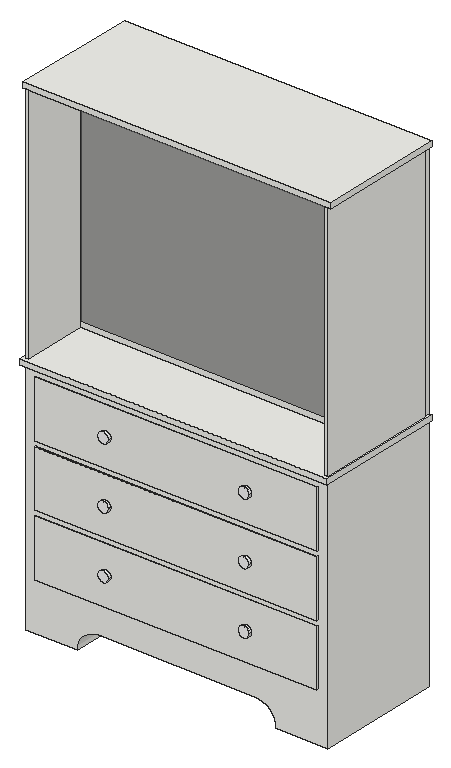
Revit family
Parameters (values of type "드레스룸가구")
  Assembly Code = ""
  깊이 = 620.00 mm
  화장대 재료 = 래미네이티드 - 아이보리색, 광택
  서랍 재료 = 래미네이티드 플라스틱 - 아이보리색, 무광
  손잡이 재료 = 목재 - 벚나무
  높이 = 1525.00 mm
  폭 = 1480.00 mm
Reference planes
  plane 1 "중심(앞/뒤)": y = -363.163
  plane 2: z = 0
  plane 3 "중심(왼쪽/오른쪽)": x = -269.193
  plane 4 "뒤로": y = -53.163
  plane 5 "앞면": y = -673.163
  plane 6 "오른쪽": x = 470.807
  plane 7 "왼쪽": x = -1009.193
  plane 8 "상단": z = 1525
  plane 9: x = -653.593
  plane 10: x = 115.207
  plane 11: z = 1448.8
  plane 12: z = 1143.75
  plane 13: z = 838.7
  plane 14: z = 533.65
  plane 15: z = 228.6
  plane 16: x = -958.393
  plane 17: x = 420.007
  plane 18: y = -679.513
  plane 19: z = 1499.6
  plane 20: x = -613.793
  plane 21: x = 75.407
  plane 22: z = 991.225
  plane 23: z = 686.175
  plane 24: z = 381.125
Forms (mm)
  Extrusion 1, solid, material "래미네이티드 - 아이보리색, 광택" <- "화장대 재료"
    sketch origin (0, -673.163, 0) x (1, 0, 0) y (0, 0, 1)
      loop
        line (216.807, 0) -> (470.807, 0) -> (470.807, 1170.137) -> (-1009.193, 1170.137) -> (-1009.193, 0) -> (-755.193, 0)
        arc (-755.193, 0) -> (-725.435, 71.842) -> (-653.593, 101.6) r 101.6
        line (-653.593, 101.6) -> (115.207, 101.6)
        arc (115.207, 101.6) -> (187.049, 71.842) -> (216.807, 0) r 101.6
    from 0 to -620
  Extrusion 2, solid, material "래미네이티드 플라스틱 - 아이보리색, 무광" <- "서랍 재료"
    sketch origin (0, -673.163, 0) x (1, 0, 0) y (0, 0, 1)
      loop
        line (420.007, 1131.05) -> (-958.393, 1131.05) -> (-958.393, 851.4) -> (420.007, 851.4) -> (420.007, 1131.05)
      loop
        line (420.007, 826) -> (-958.393, 826) -> (-958.393, 546.35) -> (420.007, 546.35) -> (420.007, 826)
      loop
        line (420.007, 520.95) -> (-958.393, 520.95) -> (-958.393, 241.3) -> (420.007, 241.3) -> (420.007, 520.95)
    from 0 to 6.35
  Extrusion 3, solid, material "래미네이티드 - 아이보리색, 광택" <- "화장대 재료"
    sketch origin (0, 0, 0) x (1, 0, 0) y (0, 1, 0)
      loop
        line (-1021.893, -53.163) -> (-1021.893, -692.213) -> (483.507, -692.213) -> (483.507, -53.163) -> (-1021.893, -53.163)
    from 1170.137 to 1196.075
  Extrusion 4, solid, material "목재 - 벚나무" <- "손잡이 재료"
    sketch origin (0, -673.163, 0) x (1, 0, 0) y (0, 0, 1)
      loop
        circle (75.407, 991.225) r 25.4
      loop
        circle (75.407, 686.175) r 25.4
      loop
        circle (75.407, 381.125) r 25.4
      loop
        circle (-613.793, 381.125) r 25.4
      loop
        circle (-613.793, 686.175) r 25.4
      loop
        circle (-613.793, 991.225) r 25.4
    from 6.35 to 19.05
  Extrusion 5, solid, material "래미네이티드 - 아이보리색, 광택"
    sketch origin (0, -205, 0) x (1, 0, 0) y (0, 1, 0)
      loop
        line (-996.493, -134.663) -> (-996.493, -154.959) -> (458.107, -154.959) -> (458.107, -134.663) -> (-996.493, -134.663)
    from 1196.075 to 2374.062
  Extrusion 6, solid, material "거울"
    sketch origin (0, -225.297, 0) x (1, 0, 0) y (0, 1, 0)
      loop
        line (-986.493, -134.663) -> (-986.493, -139.366) -> (446.027, -139.366) -> (446.027, -134.663) -> (-986.493, -134.663)
    from 1223.785 to 2349.015
  Extrusion 7, solid, material "래미네이티드 - 아이보리색, 광택"
    sketch origin (12.7, 19.05, 0) x (1, 0, 0) y (0, 1, 0)
      loop
        line (-1021.893, -92.509) -> (-1021.893, -692.213) -> (-1009.193, -692.213) -> (-1009.193, -92.509) -> (-1021.893, -92.509)
    from 1170.137 to 2374.062
  Extrusion 8, solid, material "래미네이티드 - 아이보리색, 광택"
    sketch origin (1480, 19.05, 0) x (1, 0, 0) y (0, 1, 0)
      loop
        line (-1021.893, -92.509) -> (-1021.893, -692.213) -> (-1009.193, -692.213) -> (-1009.193, -92.509) -> (-1021.893, -92.509)
    from 1170.137 to 2374.062
  Extrusion 9, solid, material "래미네이티드 - 아이보리색, 광택"
    sketch origin (0, 0, 0) x (1, 0, 0) y (0, 1, 0)
      loop
        line (-1009.193, -53.163) -> (-1009.193, -73.459) -> (470.807, -73.459) -> (470.807, -53.163) -> (-1009.193, -53.163)
    from 1196.075 to 2374.062
  Extrusion 10, solid, material "래미네이티드 - 아이보리색, 광택" <- "화장대 재료"
    sketch origin (0, 0, 1203.925) x (1, 0, 0) y (0, 1, 0)
      loop
        line (-1021.893, -53.163) -> (-1021.893, -673.163) -> (483.507, -673.163) -> (483.507, -53.163) -> (-1021.893, -53.163)
    from 1170.137 to 1196.075
Lines and regions (mm)
  Masking region 1
    outline origin (0, 0, 0) x (1, 0, 0) y (0, 1, 0)
      loop
        line (-1009.193, -53.163) -> (-1009.193, -679.513) -> (470.807, -679.513) -> (470.807, -53.163) -> (-1009.193, -53.163)
Dimensions and locks
  equal spacing: plane 7 "왼쪽", plane 3 "중심(왼쪽/오른쪽)", plane 6 "오른쪽"
  equal spacing: plane 5 "앞면", plane 1 "중심(앞/뒤)", plane 4 "뒤로"
  "폭": plane 7 "왼쪽" to plane 6 "오른쪽"
  "깊이": plane 5 "앞면" to plane 4 "뒤로"
  "높이": plane 8 "상단" to plane 2
  locked: plane 7 "왼쪽" to plane 9 at 355.6
  locked: plane 6 "오른쪽" to plane 10 at 355.6
  locked: plane 8 "상단" to plane 11 at 76.2
  locked: plane 15 to plane 2 at 228.6
  equal spacing: plane 11, plane 12, plane 13, plane 14, plane 15
  locked: plane 7 "왼쪽" to plane 16 at 50.8
  locked: plane 17 to plane 6 "오른쪽" at 50.8
  plane 18 to plane 5 "앞면" = 6.35 mm
  locked: plane 19 to plane 8 "상단" at 25.4
  equal spacing: plane 16, plane 20, plane 3 "중심(왼쪽/오른쪽)"
  equal spacing: plane 17, plane 21, plane 3 "중심(왼쪽/오른쪽)"
  equal spacing: plane 14, plane 24, plane 15
  equal spacing: plane 13, plane 23, plane 14
  equal spacing: plane 12, plane 22, plane 13
  plane 11 to plane 12 = 305.05 mm
  aligned and locked: Extrusion 1 to plane 4 "뒤로"
  aligned and locked: Extrusion 2 to plane 5 "앞면"
  aligned and locked: Extrusion 2 to plane 18
  aligned and locked: Masking region 1 sketch curve to plane 7 "왼쪽"
  aligned and locked: plane 4 "뒤로" to Masking region 1 sketch curve
  aligned and locked: plane 6 "오른쪽" to Masking region 1 sketch curve
  aligned and locked: plane 18 to Masking region 1 sketch curve
Automatic sketch dimensions
  Extrusion 1 sketch curve to level = 0.00 mm  (x2)
  Extrusion 1 sketch curve to plane 7 "왼쪽" = 0.00 mm
  Extrusion 1 sketch curve to plane 9 = 0.00 mm
  Extrusion 1 sketch curve to plane 10 = 0.00 mm
  Extrusion 1 sketch curve to plane 6 "오른쪽" = 0.00 mm
  Extrusion 1 sketch curve to Extrusion 1 sketch curve = 101.60 mm
  Extrusion 1 sketch curve to plane 12 = 26.387 mm
  Extrusion 2 sketch curve to plane 16 = 0.00 mm  (x3)
  Extrusion 2 sketch curve to plane 17 = 0.00 mm  (x3)
  Extrusion 2 sketch curve to plane 15 = 12.70 mm
  plane 14 to Extrusion 2 sketch curve = 12.70 mm
  Extrusion 2 sketch curve to plane 14 = 12.70 mm
  plane 13 to Extrusion 2 sketch curve = 12.70 mm
  Extrusion 2 sketch curve to plane 13 = 12.70 mm
  plane 12 to Extrusion 2 sketch curve = 12.70 mm
  Extrusion 3 sketch curve to plane 4 "뒤로" = 0.00 mm
  plane 7 "왼쪽" to Extrusion 3 sketch curve = 12.70 mm
  Extrusion 3 sketch curve to plane 6 "오른쪽" = 12.70 mm
  Extrusion 3 sketch curve to plane 18 = 12.70 mm
  Extrusion 4 sketch curve to Extrusion 4 sketch curve = 0.00 mm  (x12)
  Extrusion 4 sketch curve to plane 24 = 0.00 mm  (x2)
  Extrusion 4 sketch curve to plane 22 = 0.00 mm  (x2)
  Extrusion 4 sketch curve to plane 23 = 0.00 mm  (x2)
  Extrusion 4 sketch curve to plane 20 = 0.00 mm  (x3)
  Extrusion 4 sketch curve to plane 21 = 0.00 mm  (x3)
  Extrusion 4 sketch curve to Extrusion 4 sketch curve = 25.40 mm  (x4)
  plane 20 to Extrusion 4 sketch curve = 25.40 mm
  plane 21 to Extrusion 4 sketch curve = 25.40 mm
  Extrusion 5 sketch curve to plane 1 "중심(앞/뒤)" = 3.203 mm
  Extrusion 5 sketch curve to plane 7 "왼쪽" = 12.70 mm
  plane 6 "오른쪽" to Extrusion 5 sketch curve = 12.70 mm
  Extrusion 5 sketch curve to Extrusion 5 sketch curve = 20.297 mm
  plane 1 "중심(앞/뒤)" to Extrusion 6 sketch curve = 1.50 mm
  Extrusion 6 sketch curve to plane 7 "왼쪽" = 22.70 mm
  plane 6 "오른쪽" to Extrusion 6 sketch curve = 24.78 mm
  Extrusion 6 sketch curve to plane 1 "중심(앞/뒤)" = 3.203 mm
  Extrusion 7 sketch curve to plane 5 "앞면" = 0.00 mm
  Extrusion 7 sketch curve to plane 7 "왼쪽" = 0.00 mm
  Extrusion 7 sketch curve to Extrusion 7 sketch curve = 12.70 mm
  plane 4 "뒤로" to Extrusion 7 sketch curve = 20.297 mm
  Extrusion 8 sketch curve to plane 5 "앞면" = 0.00 mm
  Extrusion 8 sketch curve to plane 6 "오른쪽" = 0.00 mm
  plane 6 "오른쪽" to Extrusion 8 sketch curve = 12.70 mm
  plane 4 "뒤로" to Extrusion 8 sketch curve = 20.297 mm
  Extrusion 9 sketch curve to plane 4 "뒤로" = 0.00 mm
  plane 7 "왼쪽" to Extrusion 9 sketch curve = 0.00 mm
  Extrusion 9 sketch curve to plane 6 "오른쪽" = 0.00 mm
  plane 4 "뒤로" to Extrusion 9 sketch curve = 20.297 mm
  plane 7 "왼쪽" to Extrusion 10 sketch curve = 12.70 mm
  Extrusion 10 sketch curve to plane 6 "오른쪽" = 12.70 mm
  plane 4 "뒤로" to Extrusion 10 sketch curve = 620.00 mm
  Extrusion 10 sketch curve to Extrusion 10 sketch curve = 620.00 mm
